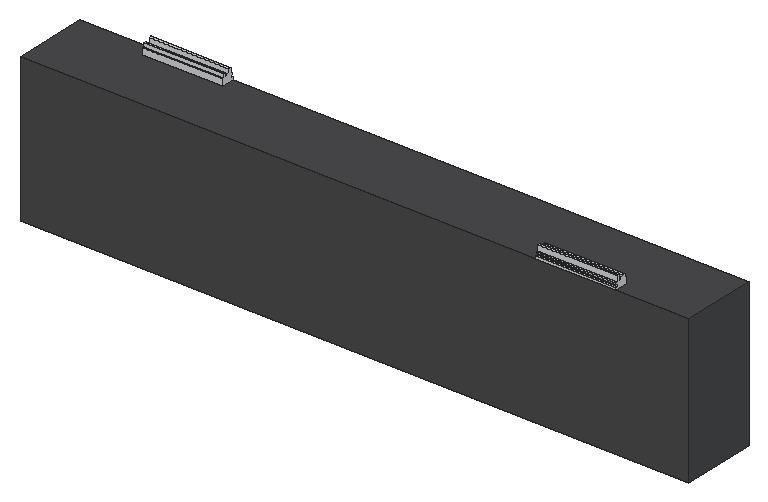
Revit family "DTM15W3.1", category Luminarias, Revit 2019
Family settings
  Cota de conector redondo = Diámetro de uso
  Tipo de pieza = Normal
  Se basa en plano de trabajo = Sí
  Siempre vertical = Sí
  Corte con vacíos al cargar = No
  Origen de luz = Sí
  Compartido = No
  Punto de cálculo de habitación = No
Parameters (values of type "RECTANGULAR DWN RIEL_DTM15W3.1.1535")
  Ángulo de inclinación = 60.00°
  Zone [instance] = ""
  Watt per fixture = 15
  Wattage = 15 W
  built-in parameter 1150107 = 3000 (stored number, unit not read)
  built-in parameter 1150110 = 1 (stored number, unit not read)
  built-in parameter 1150109 = 1 (stored number, unit not read)
  built-in parameter 1150112 = 1 (stored number, unit not read)
  built-in parameter 1150113 = 1 (stored number, unit not read)
  built-in parameter 1114218 = 1 (stored number, unit not read)
  Keynote = ""
  built-in parameter 1150137 = (empty or 0)
  built-in parameter 1150132 = (empty or 0)
  Modelo = "DTM15W3.1.1535"
  Lámpara = "3030SMD PHILIPS"
  built-in parameter 1150105 = 102.65 (stored number, unit not read)
  built-in parameter 1150102 = (empty or 0)
  built-in parameter 1150106 = 1.0265 (stored number, unit not read)
  Lumens = 1290 lm
  Color Filter = 16777215
  built-in parameter 1114217 = 1 (stored number, unit not read)
  built-in parameter 1150139 = (empty or 0)
  Fabricante = "BRILLANT"
  Default Elevation = 1219.2 mm
  built-in parameter 1150104 = 7.9897 (stored number, unit not read)
  Descripción = "LUMINARIA DOWNLIGHT EN FORMATO RECTANGULAR COMPATIBLE CON RIEL DE 6 ENTRADAS Y 3 CIRCUITOS, CUERPO DE ALUMINIO ACABADO EN COLOR NEGRO, IP 20, PESO 0.78Kg, TIPO DE LED 3030SMD PHILIPS CON 15W TOTAL, 1300 LUMENES, 86LM/W, IRC 90, TEMPERATURA EN BLANCO CALIDO 3000K, 50 MIL HORAS DE VIDA PROMEDIO, APERTURA ELIPTICA DE 15X35 GRADOS POR PROYECTO, ALIMENTADO A 90-240V"
  built-in parameter 1150115 = 1 (stored number, unit not read)
  built-in parameter 1150114 = 1 (stored number, unit not read)
  Comentarios de vataje = "90-240V"
  built-in parameter 1150138 = (empty or 0)
  built-in parameter 1150134 = (empty or 0)
  Circuit [instance] = ""
  Dimming Lamp Color Temperature Shift = (empty or 0)
  Archivo de red fotométrica = "L328A-15W-830-B-15X35_IESNA95.IES"
  built-in parameter 1150133 = 10 (stored number, unit not read)
Reference planes
  plane 1 "Centro (Frontal/Posterior)": y = 0
  plane 2: z = 0
  plane 3 "Centro (Izquierda/Derecha)": x = 0
Forms (mm)
  Extrusion 1, solid, material "Default Form"
    sketch origin (0, 0, 0) x (1, 0, 0) y (0, 0, 1)
      loop
        line (-164, 0) -> (-164, -72) -> (164, -72) -> (164, 0) -> (-164, 0)
    from -18.326 to 18.326
  Extrusion 2, solid
    sketch origin (0, 0, 3.217) x (0, 1, 0) y (0, 0, 1)
      loop
        line (-12.149, -3.217) -> (-12.149, 0) -> (-12.935, 0) -> (-12.935, 1.637) -> (-13.796, 1.637) -> (-13.796, 0) -> (-14.582, 0) -> (-14.582, 0.811) -> (-15.443, 0.811) -> (-15.443, 0) -> (-16.233, 0) -> (-16.233, 2.691) -> (-17.279, 2.691) -> (-17.279, 0) -> (-18.061, 0) -> (-18.061, -0.861) -> (-17.162, -0.861) -> (-17.162, -2.042) -> (-18.326, -2.042) -> (-18.326, -3.217) -> (-12.149, -3.217)
    from 89.098 to 128.24
  Blend 3, void
    base sketch origin (0, 0, 0) x (1, 0, 0) y (0, 1, 0)
      loop
        line (-162, 16.149) -> (-162, -16.149) -> (-144.14, -16.149) -> (-144.14, 16.149) -> (-162, 16.149)
    top sketch origin (0, 0, 0) x (1, 0, 0) y (0, 1, 0)
      loop
        line (-160, 12.149) -> (-160, -12.149) -> (-146.14, -12.149) -> (-146.14, 12.149) -> (-160, 12.149)
    from -72 to -61.591
  Blend 4, void
    base sketch origin (21.86, 0, 0) x (1, 0, 0) y (0, 1, 0)
      loop
        line (-162, 16.149) -> (-162, -16.149) -> (-144.14, -16.149) -> (-144.14, 16.149) -> (-162, 16.149)
    top sketch origin (21.86, 0, 0) x (1, 0, 0) y (0, 1, 0)
      loop
        line (-160, 12.149) -> (-160, -12.149) -> (-146.14, -12.149) -> (-146.14, 12.149) -> (-160, 12.149)
    from -72 to -61.591
  Blend 5, void
    base sketch origin (43.72, 0, 0) x (1, 0, 0) y (0, 1, 0)
      loop
        line (-162, 16.149) -> (-162, -16.149) -> (-144.14, -16.149) -> (-144.14, 16.149) -> (-162, 16.149)
    top sketch origin (43.72, 0, 0) x (1, 0, 0) y (0, 1, 0)
      loop
        line (-160, 12.149) -> (-160, -12.149) -> (-146.14, -12.149) -> (-146.14, 12.149) -> (-160, 12.149)
    from -72 to -61.591
  Blend 6, void
    base sketch origin (65.58, 0, 0) x (1, 0, 0) y (0, 1, 0)
      loop
        line (-162, 16.149) -> (-162, -16.149) -> (-144.14, -16.149) -> (-144.14, 16.149) -> (-162, 16.149)
    top sketch origin (65.58, 0, 0) x (1, 0, 0) y (0, 1, 0)
      loop
        line (-160, 12.149) -> (-160, -12.149) -> (-146.14, -12.149) -> (-146.14, 12.149) -> (-160, 12.149)
    from -72 to -61.591
  Blend 7, void
    base sketch origin (87.44, 0, 0) x (1, 0, 0) y (0, 1, 0)
      loop
        line (-162, 16.149) -> (-162, -16.149) -> (-144.14, -16.149) -> (-144.14, 16.149) -> (-162, 16.149)
    top sketch origin (87.44, 0, 0) x (1, 0, 0) y (0, 1, 0)
      loop
        line (-160, 12.149) -> (-160, -12.149) -> (-146.14, -12.149) -> (-146.14, 12.149) -> (-160, 12.149)
    from -72 to -61.591
  Blend 8, void
    base sketch origin (109.3, 0, 0) x (1, 0, 0) y (0, 1, 0)
      loop
        line (-162, 16.149) -> (-162, -16.149) -> (-144.14, -16.149) -> (-144.14, 16.149) -> (-162, 16.149)
    top sketch origin (109.3, 0, 0) x (1, 0, 0) y (0, 1, 0)
      loop
        line (-160, 12.149) -> (-160, -12.149) -> (-146.14, -12.149) -> (-146.14, 12.149) -> (-160, 12.149)
    from -72 to -61.591
  Blend 9, void
    base sketch origin (131.16, 0, 0) x (1, 0, 0) y (0, 1, 0)
      loop
        line (-162, 16.149) -> (-162, -16.149) -> (-144.14, -16.149) -> (-144.14, 16.149) -> (-162, 16.149)
    top sketch origin (131.16, 0, 0) x (1, 0, 0) y (0, 1, 0)
      loop
        line (-160, 12.149) -> (-160, -12.149) -> (-146.14, -12.149) -> (-146.14, 12.149) -> (-160, 12.149)
    from -72 to -61.591
  Blend 10, void
    base sketch origin (153.02, 0, 0) x (1, 0, 0) y (0, 1, 0)
      loop
        line (-162, 16.149) -> (-162, -16.149) -> (-144.14, -16.149) -> (-144.14, 16.149) -> (-162, 16.149)
    top sketch origin (153.02, 0, 0) x (1, 0, 0) y (0, 1, 0)
      loop
        line (-160, 12.149) -> (-160, -12.149) -> (-146.14, -12.149) -> (-146.14, 12.149) -> (-160, 12.149)
    from -72 to -61.591
  Blend 11, void
    base sketch origin (174.88, 0, 0) x (1, 0, 0) y (0, 1, 0)
      loop
        line (-162, 16.149) -> (-162, -16.149) -> (-144.14, -16.149) -> (-144.14, 16.149) -> (-162, 16.149)
    top sketch origin (174.88, 0, 0) x (1, 0, 0) y (0, 1, 0)
      loop
        line (-160, 12.149) -> (-160, -12.149) -> (-146.14, -12.149) -> (-146.14, 12.149) -> (-160, 12.149)
    from -72 to -61.591
  Blend 12, void
    base sketch origin (196.74, 0, 0) x (1, 0, 0) y (0, 1, 0)
      loop
        line (-162, 16.149) -> (-162, -16.149) -> (-144.14, -16.149) -> (-144.14, 16.149) -> (-162, 16.149)
    top sketch origin (196.74, 0, 0) x (1, 0, 0) y (0, 1, 0)
      loop
        line (-160, 12.149) -> (-160, -12.149) -> (-146.14, -12.149) -> (-146.14, 12.149) -> (-160, 12.149)
    from -72 to -61.591
  Blend 13, void
    base sketch origin (218.6, 0, 0) x (1, 0, 0) y (0, 1, 0)
      loop
        line (-162, 16.149) -> (-162, -16.149) -> (-144.14, -16.149) -> (-144.14, 16.149) -> (-162, 16.149)
    top sketch origin (218.6, 0, 0) x (1, 0, 0) y (0, 1, 0)
      loop
        line (-160, 12.149) -> (-160, -12.149) -> (-146.14, -12.149) -> (-146.14, 12.149) -> (-160, 12.149)
    from -72 to -61.591
  Blend 14, void
    base sketch origin (240.46, 0, 0) x (1, 0, 0) y (0, 1, 0)
      loop
        line (-162, 16.149) -> (-162, -16.149) -> (-144.14, -16.149) -> (-144.14, 16.149) -> (-162, 16.149)
    top sketch origin (240.46, 0, 0) x (1, 0, 0) y (0, 1, 0)
      loop
        line (-160, 12.149) -> (-160, -12.149) -> (-146.14, -12.149) -> (-146.14, 12.149) -> (-160, 12.149)
    from -72 to -61.591
  Blend 15, void
    base sketch origin (262.32, 0, 0) x (1, 0, 0) y (0, 1, 0)
      loop
        line (-162, 16.149) -> (-162, -16.149) -> (-144.14, -16.149) -> (-144.14, 16.149) -> (-162, 16.149)
    top sketch origin (262.32, 0, 0) x (1, 0, 0) y (0, 1, 0)
      loop
        line (-160, 12.149) -> (-160, -12.149) -> (-146.14, -12.149) -> (-146.14, 12.149) -> (-160, 12.149)
    from -72 to -61.591
  Blend 16, void
    base sketch origin (284.18, 0, 0) x (1, 0, 0) y (0, 1, 0)
      loop
        line (-162, 16.149) -> (-162, -16.149) -> (-144.14, -16.149) -> (-144.14, 16.149) -> (-162, 16.149)
    top sketch origin (284.18, 0, 0) x (1, 0, 0) y (0, 1, 0)
      loop
        line (-160, 12.149) -> (-160, -12.149) -> (-146.14, -12.149) -> (-146.14, 12.149) -> (-160, 12.149)
    from -72 to -61.591
  Blend 17, void
    base sketch origin (306.04, 0, 0) x (1, 0, 0) y (0, 1, 0)
      loop
        line (-162, 16.149) -> (-162, -16.149) -> (-144.14, -16.149) -> (-144.14, 16.149) -> (-162, 16.149)
    top sketch origin (306.04, 0, 0) x (1, 0, 0) y (0, 1, 0)
      loop
        line (-160, 12.149) -> (-160, -12.149) -> (-146.14, -12.149) -> (-146.14, 12.149) -> (-160, 12.149)
    from -72 to -61.591
  Extrusion 18, solid
    sketch origin (0, 0, 3.217) x (0, -1, 0) y (0, 0, 1)
      loop
        line (-12.149, -3.217) -> (-12.149, 0) -> (-12.935, 0) -> (-12.935, 1.637) -> (-13.796, 1.637) -> (-13.796, 0) -> (-14.582, 0) -> (-14.582, 0.811) -> (-15.443, 0.811) -> (-15.443, 0) -> (-16.233, 0) -> (-16.233, 2.691) -> (-17.279, 2.691) -> (-17.279, 0) -> (-18.061, 0) -> (-18.061, -0.861) -> (-17.162, -0.861) -> (-17.162, -2.042) -> (-18.326, -2.042) -> (-18.326, -3.217) -> (-12.149, -3.217)
    from 89.098 to 128.24
Cuts and joins
  Blend 3, Blend 4, Blend 5, Blend 6, Blend 7, Blend 8, Blend 9, Blend 10, Blend 11, Blend 12, Blend 13, Blend 14, Blend 15, Blend 16, Blend 17 cuts Extrusion 1
Dimensions and locks
  equal spacing: Extrusion 1, plane 1 "Centro (Frontal/Posterior)", Extrusion 1
  Extrusion 1 to plane 1 "Centro (Frontal/Posterior)" = 18.326 mm
  Extrusion 1 to Extrusion 1 = 36.651 mm
  Extrusion 1 to Extrusion 1 = 72 mm
  Extrusion 1 to Extrusion 1 = 328 mm
  equal spacing: group 1, group 2, group 3, group 4, group 5, group 6, group 7, group 8, group 9, group 10, group 11, group 12, group 13, group 14  (x3)
  cut or joined group 1 (Extrusion 1, Blend 3, Blend 4, Blend 5, Blend 6, Blend 7, Blend 8, Blend 9, Blend 10, Blend 11, Blend 12, Blend 13, Blend 14, Blend 15, Blend 16, Blend 17) to cut or joined group 1 = 72 mm
  cut or joined group 1 to cut or joined group 1 = 36.651 mm
  cut or joined group 1 to cut or joined group 1 = 328 mm
  equal spacing: cut or joined group 1, plane 1 "Centro (Frontal/Posterior)", cut or joined group 1
  aligned and locked: level to plane 2
Automatic sketch dimensions
  Blend 4 sketch curve to Blend 4 sketch curve = 17.86 mm
  Blend 4 sketch curve to Blend 4 sketch curve = 13.86 mm
  Blend 4 sketch curve to Blend 4 sketch curve = 32.298 mm
  Blend 4 sketch curve to Blend 4 sketch curve = 24.298 mm
  Blend 5 sketch curve to Blend 5 sketch curve = 17.86 mm
  Blend 5 sketch curve to Blend 5 sketch curve = 13.86 mm
  Blend 5 sketch curve to Blend 5 sketch curve = 32.298 mm
  Blend 5 sketch curve to Blend 5 sketch curve = 24.298 mm
  Blend 6 sketch curve to Blend 6 sketch curve = 17.86 mm
  Blend 6 sketch curve to Blend 6 sketch curve = 13.86 mm
  Blend 6 sketch curve to Blend 6 sketch curve = 32.298 mm
  Blend 6 sketch curve to Blend 6 sketch curve = 24.298 mm
  Blend 7 sketch curve to Blend 7 sketch curve = 17.86 mm
  Blend 7 sketch curve to Blend 7 sketch curve = 13.86 mm
  Blend 7 sketch curve to Blend 7 sketch curve = 32.298 mm
  Blend 7 sketch curve to Blend 7 sketch curve = 24.298 mm
  Blend 8 sketch curve to Blend 8 sketch curve = 17.86 mm
  Blend 8 sketch curve to Blend 8 sketch curve = 13.86 mm
  Blend 8 sketch curve to Blend 8 sketch curve = 32.298 mm
  Blend 8 sketch curve to Blend 8 sketch curve = 24.298 mm
  Blend 9 sketch curve to Blend 9 sketch curve = 17.86 mm
  Blend 9 sketch curve to Blend 9 sketch curve = 13.86 mm
  Blend 9 sketch curve to Blend 9 sketch curve = 32.298 mm
  Blend 9 sketch curve to Blend 9 sketch curve = 24.298 mm
  Blend 10 sketch curve to Blend 10 sketch curve = 17.86 mm
  Blend 10 sketch curve to Blend 10 sketch curve = 13.86 mm
  Blend 10 sketch curve to Blend 10 sketch curve = 32.298 mm
  Blend 10 sketch curve to Blend 10 sketch curve = 24.298 mm
  Blend 11 sketch curve to Blend 11 sketch curve = 17.86 mm
  Blend 11 sketch curve to Blend 11 sketch curve = 13.86 mm
  Blend 11 sketch curve to Blend 11 sketch curve = 32.298 mm
  Blend 11 sketch curve to Blend 11 sketch curve = 24.298 mm
  Blend 12 sketch curve to Blend 12 sketch curve = 17.86 mm
  Blend 12 sketch curve to Blend 12 sketch curve = 13.86 mm
  Blend 12 sketch curve to Blend 12 sketch curve = 32.298 mm
  Blend 12 sketch curve to Blend 12 sketch curve = 24.298 mm
  Blend 13 sketch curve to Blend 13 sketch curve = 17.86 mm
  Blend 13 sketch curve to Blend 13 sketch curve = 13.86 mm
  Blend 13 sketch curve to Blend 13 sketch curve = 32.298 mm
  Blend 13 sketch curve to Blend 13 sketch curve = 24.298 mm
  Blend 14 sketch curve to Blend 14 sketch curve = 17.86 mm
  Blend 14 sketch curve to Blend 14 sketch curve = 13.86 mm
  Blend 14 sketch curve to Blend 14 sketch curve = 32.298 mm
  Blend 14 sketch curve to Blend 14 sketch curve = 24.298 mm
  Blend 15 sketch curve to Blend 15 sketch curve = 17.86 mm
  Blend 15 sketch curve to Blend 15 sketch curve = 13.86 mm
  Blend 15 sketch curve to Blend 15 sketch curve = 32.298 mm
  Blend 15 sketch curve to Blend 15 sketch curve = 24.298 mm
  Blend 16 sketch curve to Blend 16 sketch curve = 17.86 mm
  Blend 16 sketch curve to Blend 16 sketch curve = 13.86 mm
  Blend 16 sketch curve to Blend 16 sketch curve = 32.298 mm
  Blend 16 sketch curve to Blend 16 sketch curve = 24.298 mm
  Blend 17 sketch curve to Blend 17 sketch curve = 17.86 mm
  Blend 17 sketch curve to Blend 17 sketch curve = 13.86 mm
  Blend 17 sketch curve to Blend 17 sketch curve = 32.298 mm
  Blend 17 sketch curve to Blend 17 sketch curve = 24.298 mm
  Extrusion 1 sketch curve to level = 0 mm
  Extrusion 1 sketch curve to level = 72 mm
  Extrusion 1 sketch curve to plane 3 "Centro (Izquierda/Derecha)" = 164 mm
  plane 3 "Centro (Izquierda/Derecha)" to Extrusion 1 sketch curve = 164 mm
  Blend 3 sketch curve to plane 1 "Centro (Frontal/Posterior)" = 16.149 mm
  Blend 3 sketch curve to plane 3 "Centro (Izquierda/Derecha)" = 162 mm
  Blend 3 sketch curve to Blend 3 sketch curve = 17.86 mm
  plane 1 "Centro (Frontal/Posterior)" to Blend 3 sketch curve = 16.149 mm
  Blend 3 sketch curve to plane 1 "Centro (Frontal/Posterior)" = 12.149 mm
  Blend 3 sketch curve to plane 3 "Centro (Izquierda/Derecha)" = 160 mm
  Blend 3 sketch curve to Blend 3 sketch curve = 13.86 mm
  plane 1 "Centro (Frontal/Posterior)" to Blend 3 sketch curve = 12.149 mm
  Extrusion 18 sketch curve to level = 0 mm
  level to Extrusion 18 sketch curve = 1.175 mm
  Extrusion 18 sketch curve to plane 1 "Centro (Frontal/Posterior)" = 18.326 mm
  Extrusion 18 sketch curve to Extrusion 18 sketch curve = 0.265 mm
  Extrusion 18 sketch curve to Extrusion 18 sketch curve = 0.782 mm
  Extrusion 18 sketch curve to Extrusion 18 sketch curve = 1.164 mm
  Extrusion 18 sketch curve to Extrusion 18 sketch curve = 1.046 mm
  Extrusion 18 sketch curve to Extrusion 18 sketch curve = 0.789 mm
  Extrusion 18 sketch curve to Extrusion 18 sketch curve = 0.861 mm  (x3)
  Extrusion 18 sketch curve to Extrusion 18 sketch curve = 0.786 mm
  Extrusion 18 sketch curve to Extrusion 18 sketch curve = 0.785 mm
  Extrusion 18 sketch curve to Extrusion 18 sketch curve = 1.181 mm
  level to Extrusion 18 sketch curve = 3.217 mm
  Extrusion 18 sketch curve to Extrusion 18 sketch curve = 0 mm  (x2)
  Extrusion 18 sketch curve to Extrusion 18 sketch curve = 0.811 mm
  Extrusion 18 sketch curve to Extrusion 18 sketch curve = 0.826 mm
  Extrusion 18 sketch curve to Extrusion 18 sketch curve = 1.88 mm
  Extrusion 2 sketch curve to level = 0 mm
  level to Extrusion 2 sketch curve = 1.175 mm
  plane 1 "Centro (Frontal/Posterior)" to Extrusion 2 sketch curve = 18.326 mm
  Extrusion 2 sketch curve to Extrusion 2 sketch curve = 0.265 mm
  Extrusion 2 sketch curve to Extrusion 2 sketch curve = 0.782 mm
  Extrusion 2 sketch curve to Extrusion 2 sketch curve = 0.117 mm
  Extrusion 2 sketch curve to Extrusion 2 sketch curve = 1.046 mm
  Extrusion 2 sketch curve to Extrusion 2 sketch curve = 0.789 mm
  Extrusion 2 sketch curve to Extrusion 2 sketch curve = 0.861 mm  (x3)
  Extrusion 2 sketch curve to Extrusion 2 sketch curve = 0.786 mm
  Extrusion 2 sketch curve to Extrusion 2 sketch curve = 0.785 mm
  Extrusion 2 sketch curve to Extrusion 2 sketch curve = 1.181 mm
  Extrusion 2 sketch curve to Extrusion 2 sketch curve = 3.217 mm
  Extrusion 2 sketch curve to Extrusion 2 sketch curve = 0 mm  (x2)
  Extrusion 2 sketch curve to Extrusion 2 sketch curve = 0.811 mm
  Extrusion 2 sketch curve to Extrusion 2 sketch curve = 0.826 mm
  Extrusion 2 sketch curve to Extrusion 2 sketch curve = 1.88 mm
Connectors
  electrical at (0, 0, 0)
    settings: on cut or joined group 1, index 1, voltage 240 V, apparent load 0 VA, apparent load phase1 0 VA, apparent load phase2 0 VA, apparent load phase3 0 VA, power factor 1, load classification "Otro", number of poles 1, system type 31, power factor state 1, is connector primary yes, connector utility no, sub classification motor no, connector description ""
